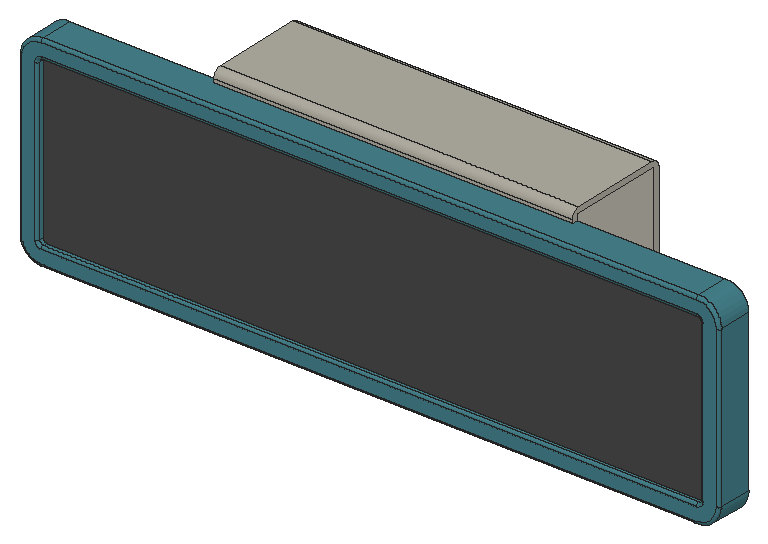
Revit family "Accessories-Teknion-HWBANP_hiSpace_Workstation_Name_Plate-R2020", category Furniture, Revit 2020
Family settings
  OmniClass Number = 23.40.20.00
  OmniClass Title = General Furniture and Specialties
  Work Plane-Based = No
  Always vertical = Yes
  Cut with Voids When Loaded = No
  Shared = Yes
  Room Calculation Point = No
Parameters (values of type "Solid Screen, Hang-on Single-Sided")
  Warranty = "http://www.teknion.com/ca/papers/legal-canada"
  Unit Weight URL = "http://www.teknion.com/ca/tools/assets#&asset=bee6a381-b954-425e-8283-5a2de3a804f2,f828d448-4b62-4231-9e5f-9a8991c0ed77"
  URL = "www.teknion.com"
  To render please download texture images found here [instance] = "https://assets.teknion.com/web/5e81352c1dfdb467/revit-material-swatches/"
  Sustainability Data = "https://www.teknion.com/ca/tools/assets#&topic=216f99a5-57a0-44fc-b10a-9dee9b29ae4c&asset=444deb64-fe58-4b68-981e-f75e97781df7,b4ff2d81-9f2e-437d-9659-7cffb09c31cf"
  Single Sided (S) = yes
  Series = "Height-Adjustable Bench hiSpace"  # constant formula
  Screen Size = 0.9287"
  Screen Height = 0.122"
  Product Page URL = "https://www.teknion.com/ca/products/product-details?productLineId=e4ad706f-8e7a-673b-a6c8-ff05004460c4"
  Product Line = "hiSpace Universal Components"  # constant formula
  Product Documentation Link = "https://www.teknion.com/pricing/habh/pdfs/HWBANP_ppg.pdf"
  Part Number = "HWBANP"  # constant formula
  No Infinity Option = yes
  Model = "HWBANPSS"
  Manufacturer Phone = "416-661-3370"  # constant formula
  Manufacturer Fax = "416.661.4586"  # constant formula
  Manufacturer Contact Information = "http://www.teknion.com/ca/contactus"
  Manufacturer Address = "1150 Flint Road, Toronto, ON. M3J 2J5. Canada"  # constant formula
  Manufacturer = "Teknion"  # constant formula
  Infinity option = not(No Infinity Option)  # no
  How To Use Teknion Materials User Guide [instance] = "https://assets.teknion.com/m/205dd0a49fa58060/original/How-to-add-a-Material-Library-and-Texture-Images-to-your-Revit-project.pdf"
  For Additional Finishes please visit [instance] = "https://assets.teknion.com/m/44a8009b046e5d47/original/Teknion_Materials_Library.zip"
  Double Sided (D) = no
  Description = "hiSpace Workstation Name Plate, Solid Screen, Hang-on Single-Sided"
  Default Elevation = 0.000"
  Bracket Lenght = 1.000"
  Bracket Finish [instance] = Paint-Teknion-85-Y-Foundation-Clay
  Bezel Finish [instance] = Paint - Teknion - Accent - Mineral Teal
  Assembly Code = "E2020200"
  2D Single Sided, No Infinity Option [instance] = and([Single Sided (S)], No Infinity Option)  # yes
Types (7): name | Single Sided (S) | Screen Size | Screen Height | No Infinity Option | Model | Infinity option | Double Sided (D) | Description | Bracket Lenght | Bracket Finish | Bezel Finish | 2D Single Sided, No Infinity Option
  (no name) | yes | 0.9287" | 0.122" | yes | "HWBANPSS" | no | no | "hiSpace Workstation Name Plate, Solid Screen, Hang-on Single-Sided" | 1.000" | Paint-Teknion-85-Y-Foundation-Clay | Paint - Teknion - Accent - Mineral Teal | yes
  Solid Screen, Hang-on Single-Sided | yes | 0.9287" | 0.122" | yes | "HWBANPSS" | no | no | "hiSpace Workstation Name Plate, Solid Screen, Hang-on Single-Sided" | 1.000" | Paint-Teknion-85-Y-Foundation-Clay | Paint - Teknion - Accent - Mineral Teal | yes
  Solid Screen, Hang-on Double-Sided | no | 0.9287" | 0.122" | yes | "HWBANPSD" | no | yes | "hiSpace Workstation Name Plate ,Solid Screen, Hang-on Double-Sided" | 2.29406" | Paint - Teknion - 18 - Accent - Brickstone | Paint-Teknion-Foundation-76-Expresso | no
  Frame Fabric Screen, Hang-on Single-Sided | yes | 0.9287" | 0.122" | yes | "HWBANPFS" | no | no | "hiSpace Workstation Name Plate, Frame Fabric Screen, Hang-on Single-Sided" | 1.000" | Paint-Teknion-20-T-Foundation-Atrium White | Paint-Teknion-Mica-Satin-Platinum | yes
  Frame Fabric Screen, Hang-on Double-Sided | no | 0.9287" | 0.122" | yes | "HWBANPFD" | no | yes | "hiSpace Workstation Name Plate, Frame Fabric Screen, Hang-on Double-Sided" | 2.29406" | Paint - Teknion - Mica - Titanium Grey | Paint-Teknion-20-T-Foundation-Atrium White | no
  Infinity Screen, Hang-on Single-Sided | yes | 0.640" | 1.103" | no | "HWBANPIS" | yes | no | "hiSpace Workstation Name Plate, Infinity Screen, Hang-on Single-Sided" | 1.000" | Paint - Teknion - Mica - Very White | Paint - Teknion - Accent - Mineral Teal | no
  Smooth Felt, Hang-on Single-Sided | yes | 0.645" | 0.076" | yes | "HWBANPDS" | no | no | "hiSpace Workstation Name Plate,Smooth Felt, Hang-on Single-Sided" | 1.000" | Paint-Teknion-Mica-Satin-Platinum | Paint - Teknion - Accent - Plum | yes
Reference planes (in)
  plane 1 "Center Front/Back": y = 0.00114
  plane 2: z = 0
  plane 3 "Center Left/Right": x = -7.001
  plane 4 "Left": x = -10.889
  plane 5 "Right": x = -3.113
  plane 6 "Back": y = 0.92984
  plane 7 "Front": y = -0.92757
  plane 8 "Top": z = 42.06
  plane 9: z = 41.938
Forms (in)
  Sweep 1, solid, material "Paint-Teknion-85-Y-Foundation-Clay" <- "Bracket Finish", visible <- "No Infinity Option"
    path origin (0, 0, 0) x (1, 0, 0) y (0, 1, 0)
      loop
        line (-5.01281, 0.00114) -> (-8.98919, 0.00114)
    profile origin (-7.001, 0.00114, 0) x (0, -1, 0) y (0, 0, 1)
      loop
        line (-0.595, 41.969) -> (-0.595, 41.06) -> (-0.535, 41.06) -> (-0.535, 41.99995) -> (0.535, 41.99995) -> (0.535, 39.76595) -> (0.595, 39.76595) -> (0.595, 41.969)
        arc (0.595, 41.969) -> (0.56835, 42.03335) -> (0.504, 42.06) r 0.091
        line (0.504, 42.06) -> (-0.504, 42.06)
        arc (-0.504, 42.06) -> (-0.56835, 42.03335) -> (-0.595, 41.969) r 0.091
  Sweep 2, solid, material "Paint - Teknion - Accent - Mineral Teal" <- "Bezel Finish", visible <- "Double Sided (D)"
    path origin (0, 0.00114, 0) x (1, 0, 0) y (0, 0, -1)
      loop
        arc (-3.3689, -41.90205) -> (-3.21366, -41.83774) -> (-3.14935, -41.68249) r 0.21955
        line (-3.14935, -41.68249) -> (-3.14935, -39.91831)
        arc (-3.14935, -39.91831) -> (-3.21366, -39.76306) -> (-3.3689, -39.69875) r 0.21955
        line (-3.3689, -39.69875) -> (-10.63309, -39.69875)
        arc (-10.63309, -39.69875) -> (-10.78834, -39.76306) -> (-10.85264, -39.91831) r 0.21955
        line (-10.85264, -39.91831) -> (-10.85264, -41.68249)
        arc (-10.85264, -41.68249) -> (-10.78834, -41.83774) -> (-10.63309, -41.90205) r 0.21955
        line (-10.63309, -41.90205) -> (-3.3689, -41.90205)
    profile origin (-7.001, 0.00114, 41.90205) x (0, 0, 1) y (0, 1, 0)
      loop
        arc (0.03, 0.89922) -> (0.02103, 0.9201) -> (0, 0.9287) r 0.03
        line (0, 0.9287) -> (-0.14751, 0.9287)
        arc (-0.14751, 0.9287) -> (-0.16771, 0.92039) -> (-0.17622, 0.90027) r 0.02871
        line (-0.17622, 0.90027) -> (-0.17839, 0.8587) -> (-0.03931, 0.8587) -> (-0.03366, 0.535) -> (0.03635, 0.535) -> (0.03, 0.89922)
  Sweep 3, solid, material "Plastic - Teknion - E - Ebony"
    path origin (0, 0, 0) x (1, 0, 0) y (0, 1, 0)
      loop
        line (-10.751, -0.85757) -> (-3.251, -0.85757)
    profile origin (-7.001, -0.85757, 0) x (0, 1, 0) y (0, 0, 1)
      loop
        line (0.05, 41.80643) -> (0, 41.80643) -> (0, 39.80643) -> (0.05, 39.80643) -> (0.05, 41.80643)
  Sweep 4, solid, material "Plastic - Teknion - E - Ebony", visible <- "Double Sided (D)"
    path origin (0, 0.00227, 0) x (1, 0, 0) y (0, -1, 0)
      loop
        line (-10.751, -0.80757) -> (-3.251, -0.80757)
    profile origin (-7.001, 0.80984, 0) x (0, 1, 0) y (0, 0, 1)
      loop
        line (0, 41.8004) -> (0, 39.8004) -> (0.05, 39.8004) -> (0.05, 41.8004) -> (0, 41.8004)
  Sweep 5, solid, material "Paint - Teknion - Accent - Mineral Teal" <- "Bezel Finish"
    path origin (0, 0.00114, 0) x (1, 0, 0) y (0, 0, 1)
      loop
        line (-3.3689, 41.90165) -> (-10.63309, 41.90165)
        arc (-10.63309, 41.90165) -> (-10.78834, 41.83734) -> (-10.85264, 41.6821) r 0.21955
        line (-10.85264, 41.6821) -> (-10.85264, 39.91791)
        arc (-10.85264, 39.91791) -> (-10.78834, 39.76266) -> (-10.63309, 39.69836) r 0.21955
        line (-10.63309, 39.69836) -> (-3.3689, 39.69836)
        arc (-3.3689, 39.69836) -> (-3.21366, 39.76266) -> (-3.14935, 39.91791) r 0.21955
        line (-3.14935, 39.91791) -> (-3.14935, 41.6821)
        arc (-3.14935, 41.6821) -> (-3.21366, 41.83734) -> (-3.3689, 41.90165) r 0.21955
    profile origin (-7.001, 0.00114, 41.90165) x (0, 0, -1) y (0, -1, 0)
      loop
        line (-0.03, 0.89922) -> (-0.03635, 0.535) -> (0.03366, 0.535) -> (0.03931, 0.8587) -> (0.17839, 0.8587) -> (0.17622, 0.90027)
        arc (0.17622, 0.90027) -> (0.16771, 0.92039) -> (0.14751, 0.9287) r 0.02871
        line (0.14751, 0.9287) -> (0, 0.9287)
        arc (0, 0.9287) -> (-0.02103, 0.9201) -> (-0.03, 0.89922) r 0.03
  Sweep 6, solid, material "Paint-Teknion-85-Y-Foundation-Clay" <- "Bracket Finish", visible <- "Infinity option"
    path origin (0, 0.00114, 0) x (1, 0, 0) y (0, 0, 1)
      loop
        line (-8.98919, 42.06) -> (-5.01281, 42.06)
    profile origin (-7.001, 0.00114, 42.06) x (0, 0, 1) y (0, -1, 0)
      loop
        line (-0.55552, -0.3653) -> (-0.07951, -0.30453)
        arc (-0.07951, -0.30453) -> (-0.02884, -0.2815) -> (0, -0.23389) r 0.09426
        line (0, -0.23389) -> (0, 0.09911)
        arc (0, 0.09911) -> (-0.02271, 0.15927) -> (-0.07951, 0.18942) r 0.09103
        line (-0.07951, 0.18942) -> (-0.98726, 0.3053) -> (-3.27503, 0.3053) -> (-3.27503, 0.24644) -> (-1.00003, 0.24644) -> (-0.06003, 0.12644) -> (-0.06003, -0.24156) -> (-0.56312, -0.30578) -> (-0.55552, -0.3653)
Lines and regions (in)
  Masking region 1, visible <- "Double Sided (D)"
    outline origin (0, 0, 0) x (1, 0, 0) y (0, 1, 0)
      loop
        line (-8.98919, 0.53614) -> (-8.98919, -0.53386) -> (-10.889, -0.53386) -> (-10.88264, -0.89809)
        arc (-10.88264, -0.89809) -> (-10.87367, -0.91896) -> (-10.85264, -0.92757) r 0.03
        line (-10.85264, -0.92757) -> (-3.14935, -0.92757)
        arc (-3.14935, -0.92757) -> (-3.12832, -0.91896) -> (-3.11936, -0.89809) r 0.03
        line (-3.11936, -0.89809) -> (-3.113, -0.53386) -> (-5.01281, -0.53386) -> (-5.01281, 0.53614) -> (-3.113, 0.53614) -> (-3.11936, 0.90036)
        arc (-3.11936, 0.90036) -> (-3.12832, 0.92123) -> (-3.14935, 0.92984) r 0.03
        line (-3.14935, 0.92984) -> (-10.85264, 0.92984)
        arc (-10.85264, 0.92984) -> (-10.87367, 0.92123) -> (-10.88264, 0.90036) r 0.03
        line (-10.88264, 0.90036) -> (-10.889, 0.53614) -> (-8.98919, 0.53614)
  Masking region 2, visible <- "2D Single Sided, No Infinity Option"
    outline origin (0, 0, 0) x (1, 0, 0) y (0, 1, 0)
      loop
        line (-5.01281, 0.59614) -> (-8.98919, 0.59614) -> (-8.98919, -0.53386) -> (-10.889, -0.53386) -> (-10.88264, -0.89809)
        arc (-10.88264, -0.89809) -> (-10.87367, -0.91896) -> (-10.85264, -0.92757) r 0.03
        line (-10.85264, -0.92757) -> (-3.14935, -0.92757)
        arc (-3.14935, -0.92757) -> (-3.12832, -0.91896) -> (-3.11936, -0.89809) r 0.03
        line (-3.11936, -0.89809) -> (-3.113, -0.53386) -> (-5.01281, -0.53386) -> (-5.01281, 0.59614)
  Masking region 3, visible <- "Infinity option"
    outline origin (0, 0, 0) x (1, 0, 0) y (0, 1, 0)
      loop
        line (-5.01281, 0.36643) -> (-8.98919, 0.36643) -> (-8.98919, -0.24516) -> (-10.889, -0.24516) -> (-10.88264, -0.89809)
        arc (-10.88264, -0.89809) -> (-10.87367, -0.91896) -> (-10.85264, -0.92757) r 0.03
        line (-10.85264, -0.92757) -> (-3.14935, -0.92757)
        arc (-3.14935, -0.92757) -> (-3.12832, -0.91896) -> (-3.11936, -0.89809) r 0.03
        line (-3.11936, -0.89809) -> (-3.113, -0.24516) -> (-5.01281, -0.24516) -> (-5.01281, 0.36643)
  symbolic lines, visible <- "Double Sided (D)"
    curve 1: line (-5.01281, 0.59614, 0) -> (-8.98919, 0.59614, 0)
  symbolic lines
    curve 2: line (-8.98919, 0.59614, 0) -> (-8.98919, -0.59386, 0)
    curve 3: line (-5.01281, 0.59614, 0) -> (-5.01281, -0.59386, 0)
    curve 4: line (-8.98919, -0.59386, 0) -> (-5.01281, -0.59386, 0)
  symbolic lines, style "FurnitureHiddenLines", detail levels medium+fine
    curve 5: line (-10.751, -0.80757, 0) -> (-3.251, -0.80757, 0)
    curve 6: line (-10.751, -0.85757, 0) -> (-10.751, -0.80757, 0)
    curve 7: line (-3.251, -0.85757, 0) -> (-10.751, -0.85757, 0)
    curve 8: line (-3.251, -0.80757, 0) -> (-3.251, -0.85757, 0)
  symbolic lines, style "FurnitureHiddenLines", visible <- "Double Sided (D)", detail levels medium+fine
    curve 9: line (-3.251, 0.80984, 0) -> (-10.751, 0.80984, 0)
    curve 10: line (-3.251, 0.85984, 0) -> (-3.251, 0.80984, 0)
    curve 11: line (-10.751, 0.85984, 0) -> (-3.251, 0.85984, 0)
    curve 12: line (-10.751, 0.80984, 0) -> (-10.751, 0.85984, 0)
  reference lines
    curve 13: line (-10.889, 0.92984, 0) -> (-10.889, -0.92757, 0)
    curve 14: line (-3.113, 0.92984, 0) -> (-3.113, -0.92757, 0)
    curve 15: line (-10.889, 0.92984, 0) -> (-3.113, 0.92984, 0)
    curve 16: line (-10.889, -0.92757, 0) -> (-3.113, -0.92757, 0)
  symbolic lines, visible <- "Infinity option"
    curve 17: line (-5.01281, -0.12531, 0) -> (-8.98919, -0.12531, 0)
    curve 18: line (-5.01281, 0.23503, 0) -> (-8.98919, 0.23503, 0)
  symbolic lines, style "FurnitureHiddenLines", visible <- "Infinity option", detail levels medium+fine
    curve 19: line (-5.01281, 0.30692, 0) -> (-8.98919, 0.30692, 0)
Dimensions and locks (in)
  plane 4 "Left" to plane 5 "Right" = 7.776"
  plane 6 "Back" to plane 7 "Front" = 1.8574"
  plane 8 "Top" to level = 42.060"
  equal spacing: plane 6 "Back", plane 1 "Center Front/Back", plane 7 "Front"
  equal spacing: plane 4 "Left", plane 3 "Center Left/Right", plane 5 "Right"
  equal spacing: Sweep 1 sketch curve, plane 3 "Center Left/Right", Sweep 1 sketch curve, locked at 1.98819 each
  plane 8 "Top" to Sweep 1 sketch curve to Sweep 1 sketch curve = 0.06006" locked, 2.234" locked
  "Bracket Lenght": plane 8 "Top" to Sweep 1 sketch curve
  Sweep 2 sketch curve to Sweep 2 sketch curve to Sweep 2 sketch curve to plane 3 "Center Left/Right" to Sweep 2 sketch curve to Sweep 2 sketch curve to Sweep 2 sketch curve = 0.21955" locked, 0.000" locked, 3.63209" locked, 3.63209" locked, 0.000" locked, 0.21955" locked
  plane 8 "Top" to Sweep 2 sketch curve to Sweep 2 sketch curve to Sweep 2 sketch curve to Sweep 2 sketch curve to Sweep 2 sketch curve to Sweep 2 sketch curve = 0.15796" locked, 0.21955" locked, 0.000" locked, 1.76419" locked, 0.000" locked, 0.21955" locked
  plane 8 "Top" to Sweep 2 sketch curve to Sweep 2 sketch curve to Sweep 2 sketch curve to Sweep 2 sketch curve to Sweep 2 sketch curve to Sweep 2 sketch curve = 0.1216" locked, 0.00636" locked, 0.06365" locked, 0.00565" locked, 0.1082" locked, 0.03089" locked
  locked: Sweep 4 sketch curve to Sweep 4 sketch curve at 0.05
  plane 8 "Top" to Sweep 4 sketch curve to Sweep 4 sketch curve = 0.2596" locked, 2.000" locked
  equal spacing: Sweep 4 sketch curve, plane 3 "Center Left/Right", Sweep 4 sketch curve, locked at 3.75 each
  locked: plane 1 "Center Front/Back" to Sweep 4 sketch curve at 0.8087
  Sweep 5 sketch curve to Sweep 5 sketch curve to Sweep 5 sketch curve to Sweep 5 sketch curve to Sweep 5 sketch curve to plane 3 "Center Left/Right" to Sweep 5 sketch curve to Sweep 5 sketch curve to Sweep 5 sketch curve to Sweep 5 sketch curve to Sweep 5 sketch curve = 0.21955" locked, 0.000" locked, 0.000" locked, 0.000" locked, 3.63209" locked, 3.63209" locked, 0.000" locked, 0.000" locked, 0.000" locked, 0.21955" locked
  plane 7 "Front" to Sweep 5 sketch curve to Sweep 5 sketch curve = 0.070" locked, 0.3237" locked
  locked: Sweep 3 sketch curve to Sweep 3 sketch curve at 0.05
  equal spacing: Sweep 3 sketch curve, plane 3 "Center Left/Right", Sweep 3 sketch curve, locked at 3.75 each
  "Screen Size": plane 7 "Front" to plane 1 "Center Front/Back"
  Sweep 2 sketch curve to Sweep 2 sketch curve to plane 6 "Back" = 0.3237" locked, 0.070" locked
  plane 7 "Front" to Sweep 1 sketch curve to Sweep 1 sketch curve = 0.3337" locked, 0.060" locked
  Sweep 1 sketch curve to Sweep 1 sketch curve to plane 6 "Back" = 0.060" locked, 0.3337" locked
  Sweep 5 sketch curve to Sweep 5 sketch curve to Sweep 5 sketch curve to Sweep 5 sketch curve to Sweep 5 sketch curve to Sweep 5 sketch curve to Sweep 5 sketch curve to Sweep 5 sketch curve to Sweep 5 sketch curve to Sweep 5 sketch curve = 0.21955" locked, 0.000" locked, 0.000" locked, 0.000" locked, 1.76419" locked, 0.000" locked, 0.000" locked, 0.000" locked, 0.21955" locked
  locked: plane 9 to Sweep 5 sketch curve at 0.03635
  Sweep 5 sketch curve to Sweep 5 sketch curve to Sweep 5 sketch curve to Sweep 5 sketch curve to Sweep 5 sketch curve to Sweep 5 sketch curve to Sweep 5 sketch curve = 0.00636" locked, 0.030" locked, 0.03366" locked, 0.00565" locked, 0.1082" locked, 0.03089" locked
  "Screen Height": plane 8 "Top" to plane 9
  Sweep 3 sketch curve to Sweep 3 sketch curve to plane 9 = 2.000" locked, 0.13158" locked
  Sweep 6 sketch curve to plane 3 "Center Left/Right" to Sweep 6 sketch curve = 1.98819" locked, 1.98819" locked
  locked: Masking region 2 sketch curve to plane 7 "Front" at 0.3937  (x2)
  locked: Masking region 2 sketch curve to plane 5 "Right" at 0.00636
  locked: plane 4 "Left" to Masking region 2 sketch curve at 0.00636
  aligned and locked: level to plane 2
  aligned and locked: Sweep 1 sketch curve to plane 1 "Center Front/Back"
  aligned and locked: Sweep 1 sketch curve to plane 8 "Top"
  aligned and locked: Sweep 2 sketch curve to plane 6 "Back"
  aligned and locked: Sweep 2 to Sweep 4 sketch curve
  aligned and locked: plane 7 "Front" to Sweep 5 sketch curve
  aligned and locked: Sweep 3 sketch curve to Sweep 5  (x2)
  aligned and locked: plane 9 to Sweep 5 sketch curve
  aligned and locked: Sweep 1 to Masking region 1 sketch curve  (x2)
  aligned and locked: Masking region 1 sketch curve to Sweep 5
  aligned and locked: Masking region 1 sketch curve to Sweep 2  (x2)
  aligned and locked: Masking region 1 sketch curve to plane 6 "Back"
  aligned and locked: plane 7 "Front" to Masking region 1 sketch curve
  aligned and locked: plane 4 "Left" to Masking region 1 sketch curve  (x2)
  aligned and locked: plane 5 "Right" to Masking region 1 sketch curve  (x2)
  aligned and locked: Masking region 2 sketch curve to Sweep 1  (x3)
  aligned and locked: plane 7 "Front" to Masking region 2 sketch curve
  aligned and locked: curve 1 to Sweep 1
  aligned and locked: curve 2 to Sweep 1
  aligned and locked: curve 3 to Sweep 1
  aligned and locked: curve 4 to Sweep 1
  aligned and locked: curve 5 to Sweep 3
  aligned and locked: curve 6 to Sweep 3
  aligned and locked: curve 7 to Sweep 3
  aligned and locked: curve 8 to Sweep 3
  aligned and locked: curve 9 to Sweep 4
  aligned and locked: curve 10 to Sweep 4
  aligned and locked: curve 11 to Sweep 4
  aligned and locked: curve 12 to Sweep 4
  aligned and locked: curve 13 to plane 4 "Left"
  aligned and locked: plane 5 "Right" to curve 14
  aligned and locked: curve 15 to plane 6 "Back"
  aligned and locked: curve 16 to plane 7 "Front"
  aligned and locked: Sweep 6 sketch curve to plane 8 "Top"
  aligned and locked: plane 4 "Left" to Masking region 2 sketch curve
  aligned and locked: plane 5 "Right" to Masking region 2 sketch curve
  aligned and locked: Masking region 3 to Sweep 6
  aligned and locked: curve 17 to Sweep 6
  aligned and locked: curve 18 to Sweep 6
  aligned and locked: curve 19 to Sweep 6
Automatic sketch dimensions
  plane 4 "Left" to Sweep 1 sketch curve = 1.89981"
  profile plane to Sweep 2 sketch curve = 0.000"
  Sweep 2 sketch curve to Sweep 2 sketch curve = 0.00218"
  Sweep 2 sketch curve to Sweep 2 sketch curve = 0.00052"
  Sweep 2 sketch curve to Sweep 2 sketch curve = 0.02871"
  Sweep 5 sketch curve to Sweep 5 sketch curve = 0.00218"
  Sweep 5 sketch curve to Sweep 5 sketch curve = 0.00052"
  Sweep 5 sketch curve to Sweep 5 sketch curve = 0.02871"
  Sweep 4 sketch curve to plane 4 "Left" = 0.138"
  plane 4 "Left" to Sweep 3 sketch curve = 0.138"
  plane 4 "Left" to Masking region 1 sketch curve = 0.00636"  (x2)
  Masking region 1 sketch curve to Masking region 1 sketch curve = 0.030"  (x3)
  plane 4 "Left" to Masking region 1 sketch curve = 0.03635"
  plane 5 "Right" to Masking region 1 sketch curve = 0.03635"  (x2)
  plane 5 "Right" to Masking region 1 sketch curve = 0.00636"  (x2)
  Masking region 1 sketch curve to plane 7 "Front" = 0.02948"  (x2)
  Masking region 1 sketch curve to Masking region 1 sketch curve = 0.36422"
  plane 4 "Left" to Masking region 2 sketch curve = 0.03635"
  plane 5 "Right" to Masking region 2 sketch curve = 0.03635"
  Masking region 2 sketch curve to plane 7 "Front" = 0.02948"  (x2)
  profile plane to Sweep 6 sketch curve = 0.06003"
  Sweep 6 sketch curve to Sweep 6 sketch curve = 0.01948"  (x2)
  Sweep 6 sketch curve to Sweep 6 sketch curve = 0.031"
  Sweep 6 sketch curve to Sweep 6 sketch curve = 0.03141"
  Sweep 6 sketch curve to plane 1 "Center Front/Back" = 0.3653"
  Sweep 6 sketch curve to Sweep 6 sketch curve = 0.47602"
  Sweep 6 sketch curve to plane 1 "Center Front/Back" = 0.30578"
  Sweep 6 sketch curve to Sweep 6 sketch curve = 0.0076"
  plane 1 "Center Front/Back" to Sweep 6 sketch curve = 0.3053"
  Sweep 6 sketch curve to Sweep 6 sketch curve = 0.42414"
  Sweep 6 sketch curve to Sweep 6 sketch curve = 0.01277"
  Sweep 6 sketch curve to Sweep 6 sketch curve = 0.00766"
  plane 1 "Center Front/Back" to Sweep 6 sketch curve = 0.09911"
  Sweep 6 sketch curve to Sweep 6 sketch curve = 2.275"
  Sweep 6 sketch curve to Sweep 6 sketch curve = 0.02733"
  profile plane to Sweep 6 sketch curve = 0.000"
  Sweep 6 sketch curve to Sweep 6 sketch curve = 0.05886"
  Masking region 3 sketch curve to plane 4 "Left" = 0.000"
  plane 7 "Front" to Masking region 3 sketch curve = 0.000"
  Masking region 3 sketch curve to plane 5 "Right" = 0.000"
  plane 4 "Left" to Masking region 3 sketch curve = 0.00636"
  plane 4 "Left" to Masking region 3 sketch curve = 0.03635"
  Masking region 3 sketch curve to plane 1 "Center Front/Back" = 0.3653"
  plane 4 "Left" to Masking region 3 sketch curve = 1.89981"
  plane 5 "Right" to Masking region 3 sketch curve = 1.89981"
  plane 5 "Right" to Masking region 3 sketch curve = 0.03635"
  plane 5 "Right" to Masking region 3 sketch curve = 0.00636"
  Masking region 3 sketch curve to plane 7 "Front" = 0.02948"  (x2)
  plane 1 "Center Front/Back" to Masking region 3 sketch curve = 0.2463"  (x2)
  curve 19 to curve 1 = 0.000"  (x2)
  Sweep 1 sketch curve to Sweep 1 sketch curve = 0.031"  (x2)
Nested families (in)
  nested 1: "Teknion_2D_Node_Family-R2020" at (-0.00691, 0.00114, 0), type "Teknion_2D_Node_Family-R2020"
Definition of nested family "Teknion_2D_Node_Family-R2020"
  Reference planes (in)
    plane 1 "Center (Front/Back)": y = 0
    plane 2: z = 0
    plane 3 "Center (Left/Right)": x = 0
  Lines and regions (in)
    detail lines, in view "Ref. Level"
      curve 1: circle (0, 0, 0) r 1.25 normal (0, 0, 1)
      curve 2: line (1.91508, -1.91508, 0) -> (-1.91508, 1.91508, 0)
      curve 3: line (-1.91508, -1.91508, 0) -> (1.91508, 1.91508, 0)
